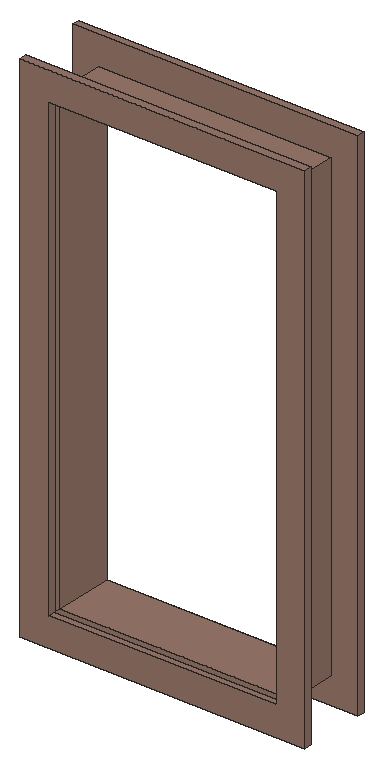
Revit family "M_Abertura com apara", category Modelos genéricos, Revit 2019
Family settings
  Hospedeiro = Parede
  Pode hospedar o vergalhão = Não
  Cota do conector redondo = Utilizar diâmetro
  Tipo de parte = Normal
  Número OmniClass = 23.30.20.00
  Título OmniClass = Windows
  ID de item do Seek = Opening with Trim-0000-CAN-ENU
  Sempre na vertical = Sim
  Corte com vazios quando carregada = Não
  Compartilhado = Não
  Ponto de cálculo do ambiente = Não
Parameters (values of type "0610 x 1220mm")
  Altura = 1220 mm
  Altura do peitoril = 915 mm
  Material da apara = Recortar
  Espessura da apara = 20 mm
  Largura da apara = 75 mm
  Largura = 610 mm
Types (10, lengths in mm): name | Altura | Altura do peitoril | Largura
  (no name) | 1220 | 915 | 610
  0915 x 1220mm | 1220 | 915 | 915
  0915 x 0610mm | 610 | 915 | 915
  0915 x 1830mm | 1830 | 610 | 915
  0610 x 1830mm | 1830 | 610 | 610
  0610 x 1220mm | 1220 | 915 | 610
  0610 x 0610mm | 610 | 915 | 610
  0406 x 0610mm | 610 | 915 | 406
  0406 x 1220mm | 1220 | 915 | 406
  0406 x 1830mm | 1830 | 610 | 406
Reference planes
  plane 1: y = 0
  plane 2 "Centro (Esquerda/Direita)": x = -8.189
  plane 3 "Direita": x = 296.811
  plane 4 "Esquerda": x = -313.189
  plane 5 "Superior": z = 2135
  plane 6: y = 96.2
  plane 7: y = -96.2
  plane 8: z = 915
Forms (mm)
  Sweep 1, solid, material "Recortar" <- "Material da apara"
    path in 3D
      loop
        line (296.811, 76.2, 2135) -> (-313.189, 76.2, 2135) -> (-313.189, 76.2, 915) -> (296.811, 76.2, 915) -> (296.811, 76.2, 2135)
    profile origin (296.811, 0, 1525) x (0, 1, 0) y (-1, 0, 0)
      loop
        line (76.2, 0.95) -> (76.2, 20) -> (-76.2, 20) -> (-76.2, 0.95) -> (76.2, 0.95)
  Extrusion 2, solid, material "Recortar" <- "Material da apara"
    sketch origin (-1524, 76.2, 0) x (-1, 0, 0) y (0, 0, 1)
      loop
        line (-1889.461, 846.35) -> (-1142.161, 846.35) -> (-1142.161, 2209.05) -> (-1889.461, 2209.05) -> (-1889.461, 846.35)
      loop
        line (-1217.161, 921.35) -> (-1217.161, 2128.65) -> (-1814.461, 2128.65) -> (-1814.461, 921.35) -> (-1217.161, 921.35)
    from 0 to 20
  Extrusion 3, solid, material "Recortar" <- "Material da apara"
    sketch origin (-1524, -76.2, 0) x (1, 0, 0) y (0, 0, 1)
      loop
        line (1217.161, 2128.65) -> (1217.161, 921.35) -> (1814.461, 921.35) -> (1814.461, 2128.65) -> (1217.161, 2128.65)
      loop
        line (1142.161, 846.35) -> (1889.461, 846.35) -> (1889.461, 2203.65) -> (1142.161, 2203.65) -> (1142.161, 846.35)
    from 0 to 20
Lines and regions (mm)
  Opening 1
    outline origin (-1524, -76.2, 0) x (1, 0, 0) y (0, 0, 1)
      loop
        line (1820.811, 2135) -> (1210.811, 2135) -> (1210.811, 915) -> (1820.811, 915) -> (1820.811, 2135)
  sketch lines
    curve 1: line (296.811, 76.2, 915) -> (296.811, 76.2, 2135)
    curve 2: line (296.811, 76.2, 2135) -> (-313.189, 76.2, 2135)
    curve 3: line (-313.189, 76.2, 2135) -> (-313.189, 76.2, 915)
    curve 4: line (-313.189, 76.2, 915) -> (296.811, 76.2, 915)
  symbolic lines
    curve 5: line (-313.189, 76.2, 0) -> (296.811, 76.2, 0)
    curve 6: line (-313.189, -76.2, 0) -> (-313.189, 76.2, 0)
    curve 7: line (296.811, -76.2, 0) -> (-313.189, -76.2, 0)
    curve 8: line (296.811, 76.2, 0) -> (296.811, -76.2, 0)
Text (mm)
  text "Lado da colocação" at (0, 1019.848, 3124.603), in view "Direita"
  text "Lado da colocação" at (-1787.662, 1269.283, 0), in view "Nível de referência"
  text "Lado da colocação" at (0, 1504.039, 2975.729), in view "Esquerda"
Dimensions and locks
  "Largura": plane 4 "Esquerda" to plane 3 "Direita"
  equal spacing: plane 4 "Esquerda", plane 2 "Centro (Esquerda/Direita)", plane 3 "Direita"
  "Espessura da apara": Sweep 1 sketch curve to plane 3 "Direita"
  locked: plane 3 "Direita" to Extrusion 2 sketch curve at 6.35
  "Largura da apara": Extrusion 2 sketch curve to Extrusion 2 sketch curve  (x3)
  locked: plane 4 "Esquerda" to Extrusion 2 sketch curve at 6.35
  locked: Extrusion 2 sketch curve to plane 5 "Superior" at 6.35
  "Largura da apara": Sweep 1 to Extrusion 2 sketch curve
  locked: Extrusion 3 sketch curve to plane 4 "Esquerda" at 6.35
  "Largura da apara": Extrusion 3 sketch curve to Extrusion 3 sketch curve  (x4)
  locked: plane 5 "Superior" to Extrusion 3 sketch curve at 6.35
  locked: plane 3 "Direita" to Extrusion 3 sketch curve at 6.35
  "Espessura da apara": host wall to plane 6
  "Espessura da apara": plane 7 to host wall
  "Altura do peitoril": host wall to plane 8
  "Altura": plane 8 to plane 5 "Superior"
  locked: plane 8 to Extrusion 2 sketch curve at 6.35
  locked: Extrusion 3 sketch curve to plane 8 at 6.35
  aligned and locked: plane 3 "Direita" to Opening 1 sketch curve
  aligned and locked: Opening 1 sketch curve to plane 5 "Superior"
  aligned and locked: Opening 1 sketch curve to plane 4 "Esquerda"
  aligned and locked: host wall to Sweep 1 sketch curve  (x2)
  aligned and locked: Extrusion 2 to plane 6
  aligned and locked: plane 7 to Extrusion 3
  aligned and locked: plane 8 to Opening 1 sketch curve
  aligned and locked: curve 5 to host wall  (x2)
  aligned and locked: curve 8 to host wall  (x2)
Automatic sketch dimensions
  Sweep 1 sketch curve to Sweep 1 sketch curve = 19.05 mm
